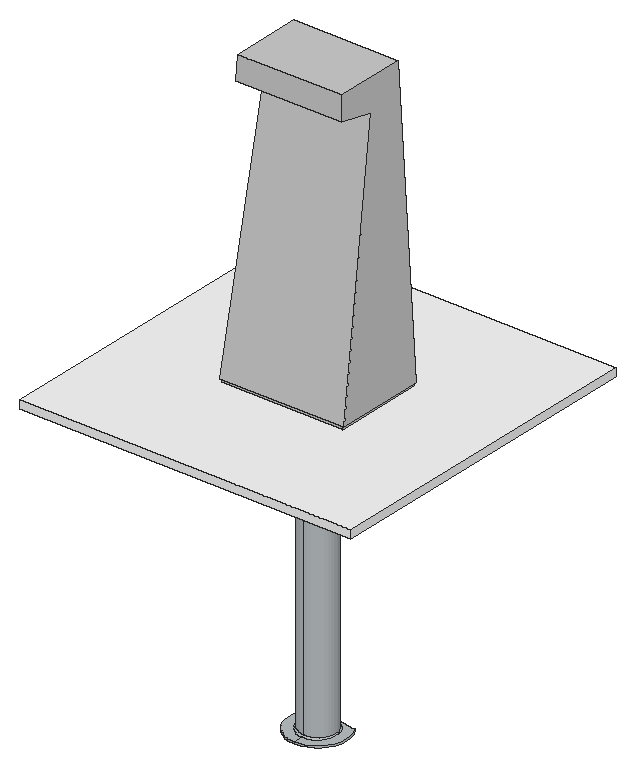
Revit family "BE_84108_de_DE", category Leuchten, Revit 2020
Family settings
  Basisbauteil = Fläche
  Bemaßung runder Anschluss = Durchmesser verwenden
  Teiletyp = Normal
  Beim Laden mit Abzugskörper schneiden = Ja
  Lichtquelle = Ja
  Gemeinsam genutzt = Nein
  Raumberechnungspunkt = Ja
Parameters (values of type "BEGA_84108_Silber_K3")
  built-in parameter 1150104 = 18.06 (stored number, unit not read)
  Wattage = 11.6 W
  Default Elevation = 0 mm
  built-in parameter 1150113 = 1 (stored number, unit not read)
  built-in parameter 1114218 = 1 (stored number, unit not read)
  Umgebungstemperatur = "25 °C"
  URL = "https://www.bega.com/de/produkt/84108"
  Typenkommentare = "© 2022 BEGA. Wir behalten uns das Recht vor, technische Änderungen ohne vorherige Ankündigung vorzunehmen."  # constant formula
  Type Image = 84108.png
  built-in parameter 1150134 = (empty or 0)
  built-in parameter 1150109 = 1 (stored number, unit not read)
  Strom = ""
  built-in parameter 1150110 = 1 (stored number, unit not read)
  Spannung = 239.996 V
  Sonderanfertigung = no
  Seriennummer [instance] = "Hier können Sie die eindeutige Seriennummer für das Facility Management eintragen."
  Schutzklasse = "I"
  Schutzart = "IP 65"
  Scheinlast = 0 VA
  Produktdatenblatt = "https://cdn.bega.com/bega/products/84108AK3/current/documents/data-sheets/de"
  Oberflächentemperatur = ""
  Neigungswinkel = 0.00°
  Modell = "84108AK3"
  Material_17 = BEGA_Reflektor
  Material_15 = BEGA_Leuchtmedium_matt
  Material_11 = BEGA_Glas_opal
  Material_09 = BEGA_Glas_klar
  Material_08 = BEGA_Oberfläche_Stahl_verzinkt
  Material_06 = BEGA_Oberfläche_Edelstahl_gebürstet
  Material_03 = BEGA_Oberfläche_Weiss_matt
  Material_02 = BEGA_Oberfläche_Silber_matt
  Material_01 [instance] = BEGA_Oberfläche_Grafit_matt
  M_W = no
  M_G = no
  M_A = yes
  Logo = 0
  built-in parameter 1114217 = 1 (stored number, unit not read)
  built-in parameter 1150139 = (empty or 0)
  built-in parameter 1150105 = 179.45 (stored number, unit not read)
  built-in parameter 1150114 = 1 (stored number, unit not read)
  Lumens = 2255.04 lm
  built-in parameter 1150115 = 1 (stored number, unit not read)
  Leuchtenlichtstrom = "851 lm"
  Leuchtenanzahl = ""
  Lebensdauerkriterien = "L70B50 @ 25 °C = 200000 h"
  Lastklassifizierung = Beleuchtung
  built-in parameter 1150112 = 1 (stored number, unit not read)
  Lampenlichtstrom = "2255 lm"
  Lampe = "LED 11.6 W"
  LED_Modulbezeichnung = "LED-0760/830"
  built-in parameter 1150142 = (empty or 0)
  Hersteller = "BEGA"  # constant formula
  Halbstreuwinkel = ""
  Gewicht = "3.5 kg"
  Gebrauchslageneinschränkung [instance] = ""
  Frequenz = "0/50-60 Hz"
  Farbwiedergabeindex = "CRI > 80"
  Farbtemperaturverschiebung bei Dämpfen der Lampe = <Keine Auswahl>
  Farbtemperatur = "3000 K"
  Color Filter = 16777215
  built-in parameter 1150133 = 10 (stored number, unit not read)
  Energieeffizienzklasse = "LED A++ - A"
  built-in parameter 1150137 = (empty or 0)
  built-in parameter 1150132 = (empty or 0)
  ENEC = "ja"
  Datei für fotometrisches Netz = "BE_84108K3.IES"
  CE_Konformität = "ja"
  Bestellnummer = "84108AK3"
  Beschreibung_Sonderanfertigung = "Hier können Sie Informationen zur Sonderanfertigung eintragen."
  Beschreibung = "Garten- und Wegeleuchte"
  built-in parameter 1150106 = 1.7945 (stored number, unit not read)
  Befestigungsbohrung = ""
  Befestigungsabstand = ""
  Ballwurfsicher = ""
  BEGA_Intern_aus = yes
  BEGA_Intern_an = yes
  BEGA_Intern_Konstruktion = yes
  BEGA_Intern = yes
  BEGA_IES = yes
  BEGA_Dummy = no
  Anschlussleitung = ""
  Anschlussleistung [instance] = "13.6 W"
  built-in parameter 1150107 = 3000 (stored number, unit not read)
  built-in parameter 1150102 = (empty or 0)
  built-in parameter 1150138 = (empty or 0)
  Aktualisierung = "2022-05-19T04:00:07"
  Abstand_zur_angestrahlten_Fläche [instance] = ""
  AC/DC = "AC/DC"
Types (2, lengths in mm): name | Modell | Material_01 | M_G | M_A | Bestellnummer
  BEGA_84108_Silber_K3 | "84108AK3" | BEGA_Oberfläche_Grafit_matt | no | yes | "84108AK3"
  BEGA_84108_Grafit_K3 | "84108K3" | BEGA_Glas_klar | yes | no | "84108K3"
Reference planes
  plane 1 "Mitte (Vorne/Hinten)": y = 0
  plane 2: z = 0
  plane 3 "Mitte (Links/Rechts)": x = 0
  plane 4 "Links": x = -75
  plane 5 "Rechts": x = 74.939
  plane 6 "Unten": y = -55
  plane 7 "Oben": y = 55
  plane 8 "Vorne": z = 353.25
  plane 9 "Hinten": z = -374.75
Forms (mm)
  Extrusion 1, solid, material "BEGA_Platte_Weiss"
    sketch origin (0, -1119.2, 0) x (1, 0, 0) y (0, 1, 0)
      loop
        line (-200, 1319.2) -> (-200, 919.2) -> (200, 919.2) -> (200, 1319.2) -> (-200, 1319.2)
    from 0 to -10
  Extrusion 2, solid, material "BEGA_Dummy_matt", visible <- "BEGA_Dummy"
    sketch origin (80.095, -76.023, 0) x (1, 0, 0) y (0, 1, 0)
      loop
        line (-155.095, 131.023) -> (-155.095, 21.023) -> (-5.156, 21.023) -> (-5.156, 131.023) -> (-155.095, 131.023)
    from -374.75 to 353.25
Dimensions and locks
  plane 1 "Mitte (Vorne/Hinten)" to Extrusion 1 = 200 mm
  aligned and locked: plane 2 to Extrusion 1
  aligned and locked: level to Extrusion 1
Nested families
  nested 1: "BE_84108" at (0, 0, 0), type "BE_84108"
Connectors
  electrical at (0, 0, 0), driven by "Lastklassifizierung", driven by "Spannung", driven by "Scheinlast"
    settings: index 1, voltage 239.996 V, apparent load 0 VA, apparent load phase1 0 VA, apparent load phase2 0 VA, apparent load phase3 0 VA, power factor 1, load classification "Beleuchtung", number of poles 1, system type 31, power factor state 1, is connector primary yes, connector utility no, sub classification motor no, connector description ""
Definition of nested family "BE_84108"
  Parameters (values of type "BE_84108")
    Default Elevation = 1 mm
    URL = "http://www.bega.de/de/produkt"
    Type Comments = "© 2015 BEGA. Wir behalten uns das Recht vor, technische Änderungen ohne vorherige Ankündigung vorzunehmen. "  # constant formula
    Type Image = (empty or 0)
    Neigungswinkel_um_Z2 = 0.00°
    Neigungswinkel_um_Z1 = 0.00°
    Neigungswinkel_um_Y2 = 0.00°
    Neigungswinkel_um_Y1 = 0.00°
    Neigungswinkel_um_X2 = 0.00°
    Neigungswinkel_um_X1 = 0.00°
    Material_17 = none
    Material_15 = none
    Material_11 = none
    Material_10 = none
    Material_09 = none
    Material_08 = none
    Material_06 = none
    Material_02 = none
    Material_01 = none
    M_W = yes
    M_G = yes
    M_A = yes
    Länge_Platte = 200 mm  # constant formula
    Höhe_Platte = -10 mm  # constant formula
    Manufacturer = "BEGA"  # constant formula
    Drehwinkel_um_Z2 = 0.00°
    Drehwinkel_um_Z1 = 0.00°
    Breite_Platte = 200 mm  # constant formula
  Reference planes
    plane 1 "Mitte (Oben/Unten)": y = 0
    plane 2: z = 0
    plane 3 "Mitte (Links/Rechts)": x = 0
    plane 4 "Hinten": z = -20
    plane 5 "Oben": y = 55
    plane 6 "Unten": y = -55
    plane 7: z = 353.25
    plane 8: x = -75
    plane 9: x = 74.939
  Forms (mm)
    Extrusion 1, solid, detail levels medium
      sketch origin (0, 0, 0) x (1, 0, 0) y (0, 1, 0)
        loop
          line (-100, 100) -> (-100, -100) -> (100, -100) -> (100, 100) -> (-100, 100)
      from 0 to -10 <- "Höhe_Platte"
    Extrusion 2, solid, material <- "Material_01", visible <- "M_G"
      sketch origin (0, 0, 0) x (1, 0, 0) y (0, 0, 1)
        loop
          line (-71.998, 3.25) -> (-59.882, 350.206) -> (59.882, 350.206) -> (71.998, 3.25) -> (75, 3.25) -> (62.778, 353.25) -> (-62.778, 353.25) -> (-75, 3.25) -> (-71.998, 3.25)
      from -57.698 to 59.769
    Extrusion 3, solid, material <- "Material_01", visible <- "M_G"
      sketch origin (0, 0, 0) x (0, 1, 0) y (0, 0, 1)
        loop
          line (-43.756, 325.25) -> (-42.288, 324.938) -> (-39.92, 328.729) -> (-37.163, 328.143) -> (-31.651, 350.25) -> (39.881, 350.25) -> (44.809, 209.123) -> (51.998, 3.25) -> (55, 3.25) -> (42.778, 353.25) -> (-42.778, 353.25) -> (-43.756, 325.25)
        loop
          line (3.381, 322.782) -> (-3.064, 321.964) -> (-3.246, 320.933) -> (-0.486, 320.347) -> (0.119, 315.843) -> (-55, 3.25) -> (-51.954, 3.25) -> (-28.18, 138.08) -> (3.132, 315.659) -> (3.381, 322.782)
      from -76.808 to 77.235
    Extrusion 4, solid, material <- "Material_10"
      sketch origin (0, 0, 0) x (0, 1, 0) y (0, 0, 1)
        loop
          line (-3.375, 321.983) -> (-36.632, 329.052) -> (-36.84, 328.074) -> (-39.628, 328.666) -> (-40.459, 324.754) -> (-1.627, 316.5) -> (-0.795, 320.412) -> (-3.583, 321.005) -> (-3.375, 321.983)
      from -60.4 to 60.4
    Extrusion 5, solid, material <- "Material_01", visible <- "M_G"
      sketch origin (0, 0, 0) x (1, 0, 0) y (0, 1, 0)
        loop
          circle (0, 0) r 21.75
        loop
          line (-51.5, -38) -> (-51.5, -49.5) -> (-18.5, -49.5) -> (-18.5, -38) -> (-51.5, -38)
        loop
          line (18.5, -49.5) -> (51.5, -49.5) -> (51.5, -38) -> (18.5, -38) -> (18.5, -49.5)
        loop
          arc (-6.859, -38.9) -> (0, -39.5) -> (6.859, -38.9) r 39.5
          arc (6.859, -38.9) -> (10.509, -33.683) -> (5.289, -30.038) r 4.5
          arc (5.289, -30.038) -> (-0.007, -30.5) -> (-5.304, -30.035) r 30.5
          arc (-5.304, -30.035) -> (-10.51, -33.691) -> (-6.859, -38.9) r 4.5
        loop
          arc (51.89, -27.012) -> (54.971, -20.012) -> (57.112, -12.669) r 58.5
          arc (57.112, -12.669) -> (54.457, -8.488) -> (50.279, -11.147) r 3.5
          arc (50.279, -11.147) -> (48.395, -17.611) -> (45.684, -23.774) r 51.5
          arc (45.684, -23.774) -> (47.166, -28.499) -> (51.89, -27.012) r 3.5
        loop
          arc (37.118, 13.51) -> (34.205, 19.756) -> (30.25, 25.4) r 39.5
          arc (30.25, 25.4) -> (23.914, 25.94) -> (23.364, 19.605) r 4.5
          arc (23.364, 19.605) -> (26.417, 15.245) -> (28.665, 10.42) r 30.5
          arc (28.665, 10.42) -> (34.434, 7.744) -> (37.118, 13.51) r 4.5
        loop
          arc (50.279, 11.147) -> (54.457, 8.488) -> (57.112, 12.669) r 3.5
          arc (57.112, 12.669) -> (54.971, 20.012) -> (51.89, 27.012) r 58.5
          arc (51.89, 27.012) -> (47.166, 28.499) -> (45.684, 23.774) r 3.5
          arc (45.684, 23.774) -> (48.395, 17.611) -> (50.279, 11.147) r 51.5
        loop
          line (16.5, 38) -> (16.5, 49.5) -> (-16.5, 49.5) -> (-16.5, 38) -> (16.5, 38)
        loop
          arc (-30.25, 25.4) -> (-34.205, 19.756) -> (-37.118, 13.51) r 39.5
          arc (-37.118, 13.51) -> (-34.434, 7.744) -> (-28.665, 10.42) r 4.5
          arc (-28.665, 10.42) -> (-26.417, 15.245) -> (-23.364, 19.605) r 30.5
          arc (-23.364, 19.605) -> (-23.914, 25.941) -> (-30.25, 25.4) r 4.5
        loop
          arc (-45.685, 23.773) -> (-47.166, 28.499) -> (-51.89, 27.012) r 3.5
          arc (-51.89, 27.012) -> (-54.971, 20.012) -> (-57.112, 12.669) r 58.5
          arc (-57.112, 12.669) -> (-54.457, 8.488) -> (-50.279, 11.147) r 3.5
          arc (-50.279, 11.147) -> (-48.395, 17.61) -> (-45.685, 23.773) r 51.5
        loop
          arc (-50.279, -11.147) -> (-54.457, -8.488) -> (-57.112, -12.669) r 3.5
          arc (-57.112, -12.669) -> (-54.971, -20.012) -> (-51.89, -27.012) r 58.5
          arc (-51.89, -27.012) -> (-47.166, -28.499) -> (-45.685, -23.773) r 3.5
          arc (-45.685, -23.773) -> (-48.395, -17.61) -> (-50.279, -11.147) r 51.5
        loop
          line (-73.7, 53.7) -> (-73.7, -53.7) -> (73.7, -53.7) -> (73.7, 53.7) -> (-73.7, 53.7)
      from 0 to 5
    Extrusion 6, solid, material <- "Material_02", visible <- "M_A"
      sketch origin (0, 0, 0) x (1, 0, 0) y (0, 0, 1)
        loop
          line (-71.998, 3.25) -> (-59.882, 350.206) -> (59.882, 350.206) -> (71.998, 3.25) -> (75, 3.25) -> (62.778, 353.25) -> (-62.778, 353.25) -> (-75, 3.25) -> (-71.998, 3.25)
      from -57.698 to 59.769
    Extrusion 7, solid, material <- "Material_02", visible <- "M_A"
      sketch origin (0, 0, 0) x (0, 1, 0) y (0, 0, 1)
        loop
          line (-43.756, 325.25) -> (-42.288, 324.938) -> (-39.92, 328.729) -> (-37.163, 328.143) -> (-31.651, 350.25) -> (39.881, 350.25) -> (44.809, 209.123) -> (51.998, 3.25) -> (55, 3.25) -> (42.778, 353.25) -> (-42.778, 353.25) -> (-43.756, 325.25)
        loop
          line (3.381, 322.782) -> (-3.064, 321.964) -> (-3.246, 320.933) -> (-0.486, 320.347) -> (0.119, 315.843) -> (-55, 3.25) -> (-51.954, 3.25) -> (-28.18, 138.08) -> (3.132, 315.659) -> (3.381, 322.782)
      from -76.808 to 77.235
    Extrusion 8, void
      sketch origin (0, 0, 0) x (0, 1, 0) y (0, 0, 1)
        loop
          line (55, 3.25) -> (57.698, 3.25) -> (57.698, 353.25) -> (42.778, 353.25) -> (55, 3.25)
        loop
          line (-59.769, 353.25) -> (-59.769, 3.25) -> (-55, 3.25) -> (0.132, 315.921) -> (-43.756, 325.25) -> (-42.778, 353.25) -> (-59.769, 353.25)
      from -88.592 to 85.693
    Extrusion 9, void
      sketch origin (0, 0, 0) x (1, 0, 0) y (0, 0, 1)
        loop
          line (-75, 3.25) -> (-62.778, 353.25) -> (-137.222, 353.25) -> (-125, 3.25) -> (-75, 3.25)
        loop
          line (75, 3.25) -> (125, 3.25) -> (137.222, 353.25) -> (62.778, 353.25) -> (75, 3.25)
      from -57.291 to 58.35
    Revolve 10, solid, material <- "Material_08"
      sketch origin (0, 0, 0) x (0, 1, 0) y (0, 0, 1)
        loop
          line (21.1, 45.25) -> (19.1, 45.25) -> (19.1, -374.75) -> (21.1, -374.75) -> (21.1, 45.25)
        axis (0, -374.75) -> (0, 45.25)
      angle from 0 to 360
    Revolve 11, solid, material <- "Material_08"
      sketch origin (0, 0, 0) x (0, 1, 0) y (0, 0, 1)
        loop
          line (35, -372.754) -> (22.928, -372.754) -> (21.1, -370.925) -> (21.1, -373.705)
          arc (21.1, -373.705) -> (21.931, -374.444) -> (23, -374.75) r 2.5
          line (23, -374.75) -> (35, -374.75) -> (35, -372.754)
        axis (0, -374.75) -> (0, -370.925)
      angle from 0 to 360
    Extrusion 12, solid, material <- "Material_02", visible <- "M_A"
      sketch origin (0, 0, 0) x (1, 0, 0) y (0, 1, 0)
        loop
          circle (0, 0) r 21.75
        loop
          line (-51.5, -38) -> (-51.5, -49.5) -> (-18.5, -49.5) -> (-18.5, -38) -> (-51.5, -38)
        loop
          line (18.5, -49.5) -> (51.5, -49.5) -> (51.5, -38) -> (18.5, -38) -> (18.5, -49.5)
        loop
          arc (-6.859, -38.9) -> (0, -39.5) -> (6.859, -38.9) r 39.5
          arc (6.859, -38.9) -> (10.509, -33.683) -> (5.289, -30.038) r 4.5
          arc (5.289, -30.038) -> (-0.007, -30.5) -> (-5.304, -30.035) r 30.5
          arc (-5.304, -30.035) -> (-10.51, -33.691) -> (-6.859, -38.9) r 4.5
        loop
          arc (51.89, -27.012) -> (54.971, -20.012) -> (57.112, -12.669) r 58.5
          arc (57.112, -12.669) -> (54.457, -8.488) -> (50.279, -11.147) r 3.5
          arc (50.279, -11.147) -> (48.395, -17.611) -> (45.684, -23.774) r 51.5
          arc (45.684, -23.774) -> (47.166, -28.499) -> (51.89, -27.012) r 3.5
        loop
          arc (37.118, 13.51) -> (34.205, 19.756) -> (30.25, 25.4) r 39.5
          arc (30.25, 25.4) -> (23.914, 25.94) -> (23.364, 19.605) r 4.5
          arc (23.364, 19.605) -> (26.417, 15.245) -> (28.665, 10.42) r 30.5
          arc (28.665, 10.42) -> (34.434, 7.744) -> (37.118, 13.51) r 4.5
        loop
          arc (50.279, 11.147) -> (54.457, 8.488) -> (57.112, 12.669) r 3.5
          arc (57.112, 12.669) -> (54.971, 20.012) -> (51.89, 27.012) r 58.5
          arc (51.89, 27.012) -> (47.166, 28.499) -> (45.684, 23.774) r 3.5
          arc (45.684, 23.774) -> (48.395, 17.611) -> (50.279, 11.147) r 51.5
        loop
          line (16.5, 38) -> (16.5, 49.5) -> (-16.5, 49.5) -> (-16.5, 38) -> (16.5, 38)
        loop
          arc (-30.25, 25.4) -> (-34.205, 19.756) -> (-37.118, 13.51) r 39.5
          arc (-37.118, 13.51) -> (-34.434, 7.744) -> (-28.665, 10.42) r 4.5
          arc (-28.665, 10.42) -> (-26.417, 15.245) -> (-23.364, 19.605) r 30.5
          arc (-23.364, 19.605) -> (-23.914, 25.941) -> (-30.25, 25.4) r 4.5
        loop
          arc (-45.685, 23.773) -> (-47.166, 28.499) -> (-51.89, 27.012) r 3.5
          arc (-51.89, 27.012) -> (-54.971, 20.012) -> (-57.112, 12.669) r 58.5
          arc (-57.112, 12.669) -> (-54.457, 8.488) -> (-50.279, 11.147) r 3.5
          arc (-50.279, 11.147) -> (-48.395, 17.61) -> (-45.685, 23.773) r 51.5
        loop
          arc (-50.279, -11.147) -> (-54.457, -8.488) -> (-57.112, -12.669) r 3.5
          arc (-57.112, -12.669) -> (-54.971, -20.012) -> (-51.89, -27.012) r 58.5
          arc (-51.89, -27.012) -> (-47.166, -28.499) -> (-45.685, -23.773) r 3.5
          arc (-45.685, -23.773) -> (-48.395, -17.61) -> (-50.279, -11.147) r 51.5
        loop
          line (-73.7, 53.7) -> (-73.7, -53.7) -> (73.7, -53.7) -> (73.7, 53.7) -> (-73.7, 53.7)
      from 0 to 5
    Extrusion 13, void
      sketch origin (0, 0, 0) x (1, 0, 0) y (0, 1, 0)
        loop
          line (26.706, 20.169) -> (38.93, 18.014) -> (38.247, 44.883) -> (-40.071, 44.883) -> (-40.071, 17.812) -> (-26.706, 20.169) -> (-4.279, 24.123)
          arc (-4.279, 24.123) -> (0, 24.5) -> (4.279, 24.123) r 24.5
          line (4.279, 24.123) -> (26.706, 20.169)
      from -388.629 to -332.553
  Cuts and joins
    Extrusion 8 cuts Extrusion 2
    Extrusion 8, Extrusion 9 cuts Extrusion 3
    joined: Extrusion 2, Extrusion 3
    Extrusion 8 cuts Extrusion 6
    Extrusion 8, Extrusion 9 cuts Extrusion 7
    joined: Extrusion 6, Extrusion 7
    Extrusion 13 cuts Extrusion 5
    Extrusion 13 cuts Extrusion 12
    Extrusion 13 cuts Revolve 11
  Dimensions and locks
    equal spacing: Extrusion 1 sketch curve, plane 3 "Mitte (Links/Rechts)", Extrusion 1 sketch curve
    equal spacing: Extrusion 1 sketch curve, plane 1 "Mitte (Oben/Unten)", Extrusion 1 sketch curve
    "Länge_Platte": Extrusion 1 sketch curve to Extrusion 1 sketch curve
    "Breite_Platte": Extrusion 1 sketch curve to Extrusion 1 sketch curve
    aligned and locked: plane 2 to Extrusion 1
    aligned and locked: level to Extrusion 1
  Automatic sketch dimensions
    Extrusion 2 sketch curve to plane 3 "Mitte (Links/Rechts)" = 62.778 mm
    Extrusion 2 sketch curve to plane 3 "Mitte (Links/Rechts)" = 59.882 mm
    Extrusion 2 sketch curve to Extrusion 2 sketch curve = 12.116 mm
    Extrusion 2 sketch curve to Extrusion 2 sketch curve = 3.002 mm  (x2)
    plane 3 "Mitte (Links/Rechts)" to Extrusion 2 sketch curve = 59.882 mm
    plane 3 "Mitte (Links/Rechts)" to Extrusion 2 sketch curve = 71.998 mm
    level to Extrusion 2 sketch curve = 3.25 mm  (x2)
    Extrusion 2 sketch curve to Extrusion 2 sketch curve = 346.956 mm
    Extrusion 2 sketch curve to Extrusion 2 sketch curve = 2.896 mm
    Extrusion 2 sketch curve to Extrusion 2 sketch curve = 3.044 mm
    plane 1 "Mitte (Oben/Unten)" to Extrusion 3 sketch curve = 42.778 mm
    Extrusion 3 sketch curve to Extrusion 3 sketch curve = 0.978 mm
    Extrusion 3 sketch curve to Extrusion 3 sketch curve = 28 mm
    plane 1 "Mitte (Oben/Unten)" to Extrusion 3 sketch curve = 3.064 mm
    Extrusion 3 sketch curve to Extrusion 3 sketch curve = 31.286 mm
    Extrusion 3 sketch curve to Extrusion 3 sketch curve = 1.467 mm
    Extrusion 3 sketch curve to Extrusion 3 sketch curve = 2.369 mm
    Extrusion 3 sketch curve to Extrusion 3 sketch curve = 11.126 mm
    Extrusion 3 sketch curve to Extrusion 3 sketch curve = 0.182 mm
    Extrusion 3 sketch curve to plane 1 "Mitte (Oben/Unten)" = 39.881 mm
    Extrusion 3 sketch curve to plane 1 "Mitte (Oben/Unten)" = 3.381 mm
    Extrusion 3 sketch curve to Extrusion 3 sketch curve = 2.897 mm
    level to Extrusion 3 sketch curve = 3.25 mm  (x2)
    Extrusion 3 sketch curve to Extrusion 3 sketch curve = 0.312 mm
    Extrusion 3 sketch curve to Extrusion 3 sketch curve = 0.817 mm
    Extrusion 3 sketch curve to Extrusion 3 sketch curve = 1.031 mm
    Extrusion 3 sketch curve to Extrusion 3 sketch curve = 3.205 mm
    Extrusion 3 sketch curve to Extrusion 3 sketch curve = 0.586 mm
    Extrusion 3 sketch curve to Extrusion 3 sketch curve = 3 mm
    plane 1 "Mitte (Oben/Unten)" to Extrusion 3 sketch curve = 0.486 mm
    Extrusion 3 sketch curve to plane 1 "Mitte (Oben/Unten)" = 0.119 mm
    Extrusion 3 sketch curve to Extrusion 3 sketch curve = 3.014 mm
    Extrusion 3 sketch curve to Extrusion 3 sketch curve = 5.09 mm
    Extrusion 3 sketch curve to Extrusion 3 sketch curve = 0.185 mm
    Extrusion 3 sketch curve to Extrusion 3 sketch curve = 0.587 mm
    plane 1 "Mitte (Oben/Unten)" to Extrusion 3 sketch curve = 55 mm
    plane 1 "Mitte (Oben/Unten)" to Extrusion 3 sketch curve = 28.18 mm
    Extrusion 3 sketch curve to Extrusion 3 sketch curve = 3.046 mm
    Extrusion 3 sketch curve to Extrusion 3 sketch curve = 0 mm  (x2)
    Extrusion 3 sketch curve to plane 1 "Mitte (Oben/Unten)" = 51.998 mm
    Extrusion 3 sketch curve to Extrusion 3 sketch curve = 3.002 mm
    Extrusion 3 sketch curve to Extrusion 3 sketch curve = 205.873 mm
    Extrusion 3 sketch curve to plane 1 "Mitte (Oben/Unten)" = 44.809 mm  (x2)
    Extrusion 3 sketch curve to Extrusion 3 sketch curve = 2.756 mm
    plane 1 "Mitte (Oben/Unten)" to Extrusion 4 sketch curve = 36.632 mm
    Extrusion 4 sketch curve to Extrusion 4 sketch curve = 0.208 mm  (x2)
    plane 1 "Mitte (Oben/Unten)" to Extrusion 4 sketch curve = 3.375 mm
    Extrusion 4 sketch curve to Extrusion 4 sketch curve = 0.978 mm  (x2)
    Extrusion 4 sketch curve to Extrusion 4 sketch curve = 7.069 mm
    Extrusion 4 sketch curve to Extrusion 4 sketch curve = 2.788 mm
    Extrusion 4 sketch curve to Extrusion 4 sketch curve = 0.593 mm  (x2)
    Extrusion 4 sketch curve to Extrusion 4 sketch curve = 0.832 mm
    plane 1 "Mitte (Oben/Unten)" to Extrusion 4 sketch curve = 1.627 mm
    Extrusion 4 sketch curve to Extrusion 4 sketch curve = 4.505 mm
    Extrusion 4 sketch curve to Extrusion 4 sketch curve = 3.913 mm
    plane 1 "Mitte (Oben/Unten)" to Extrusion 4 sketch curve = 0.795 mm
    Extrusion 5 sketch curve to Extrusion 5 sketch curve = 0 mm  (x50)
    plane 1 "Mitte (Oben/Unten)" to Extrusion 5 sketch curve = 0 mm
    Extrusion 5 sketch curve to plane 3 "Mitte (Links/Rechts)" = 0 mm
    Extrusion 5 sketch curve to plane 3 "Mitte (Links/Rechts)" = 6.078 mm
    Extrusion 5 sketch curve to plane 3 "Mitte (Links/Rechts)" = 26.812 mm
    Extrusion 5 sketch curve to Extrusion 5 sketch curve = 6.078 mm  (x2)
    Extrusion 5 sketch curve to Extrusion 5 sketch curve = 15.896 mm  (x4)
    Extrusion 5 sketch curve to Extrusion 5 sketch curve = 4.911 mm  (x4)
    plane 3 "Mitte (Links/Rechts)" to Extrusion 5 sketch curve = 6.078 mm
    plane 1 "Mitte (Oben/Unten)" to Extrusion 5 sketch curve = 11.904 mm  (x2)
    Extrusion 5 sketch curve to Extrusion 5 sketch curve = 13.492 mm  (x4)
    plane 1 "Mitte (Oben/Unten)" to Extrusion 5 sketch curve = 34.468 mm
    Extrusion 5 sketch curve to plane 1 "Mitte (Oben/Unten)" = 11.904 mm  (x2)
    Extrusion 5 sketch curve to plane 1 "Mitte (Oben/Unten)" = 11.971 mm  (x2)
    Extrusion 5 sketch curve to Extrusion 5 sketch curve = 10.527 mm  (x2)
    Extrusion 5 sketch curve to Extrusion 5 sketch curve = 0.774 mm
    Extrusion 5 sketch curve to Extrusion 5 sketch curve = 0.781 mm  (x2)
    Extrusion 5 sketch curve to plane 3 "Mitte (Links/Rechts)" = 16.5 mm
    Extrusion 5 sketch curve to Extrusion 5 sketch curve = 11.641 mm  (x2)
    Extrusion 5 sketch curve to Extrusion 5 sketch curve = 3.447 mm  (x2)
    Extrusion 5 sketch curve to Extrusion 5 sketch curve = 4.224 mm  (x2)
    Extrusion 5 sketch curve to Extrusion 5 sketch curve = 3.439 mm  (x2)
    Extrusion 5 sketch curve to Extrusion 5 sketch curve = 4.229 mm  (x2)
    Extrusion 5 sketch curve to Extrusion 5 sketch curve = 3.101 mm  (x4)
    Extrusion 5 sketch curve to Extrusion 5 sketch curve = 2.714 mm  (x2)
    Extrusion 5 sketch curve to Extrusion 5 sketch curve = 3.417 mm  (x4)
    Extrusion 5 sketch curve to Extrusion 5 sketch curve = 3.105 mm  (x4)
    Extrusion 5 sketch curve to Extrusion 5 sketch curve = 3.415 mm  (x4)
    Extrusion 5 sketch curve to Extrusion 5 sketch curve = 0.789 mm
    plane 3 "Mitte (Links/Rechts)" to Extrusion 5 sketch curve = 16.5 mm
    Extrusion 5 sketch curve to Extrusion 5 sketch curve = 0.758 mm  (x4)
    Extrusion 5 sketch curve to Extrusion 5 sketch curve = 4.433 mm
    Extrusion 5 sketch curve to Extrusion 5 sketch curve = 0.9 mm
    Extrusion 5 sketch curve to Extrusion 5 sketch curve = 10.988 mm
    Extrusion 5 sketch curve to Extrusion 5 sketch curve = 11.5 mm  (x3)
    Extrusion 5 sketch curve to Extrusion 5 sketch curve = 1.551 mm  (x2)
    Extrusion 5 sketch curve to Extrusion 5 sketch curve = 15.502 mm
    Extrusion 5 sketch curve to Extrusion 5 sketch curve = 22.2 mm  (x2)
    Extrusion 5 sketch curve to Extrusion 5 sketch curve = 4.2 mm
    Extrusion 5 sketch curve to Extrusion 5 sketch curve = 26.688 mm  (x2)
    level to Extrusion 6 sketch curve = 3.25 mm  (x2)
    Extrusion 6 sketch curve to plane 3 "Mitte (Links/Rechts)" = 75 mm
    Extrusion 6 sketch curve to Extrusion 6 sketch curve = 3.002 mm  (x2)
    Extrusion 6 sketch curve to plane 3 "Mitte (Links/Rechts)" = 62.778 mm
    Extrusion 6 sketch curve to Extrusion 6 sketch curve = 2.896 mm  (x2)
    plane 3 "Mitte (Links/Rechts)" to Extrusion 6 sketch curve = 59.882 mm
    plane 3 "Mitte (Links/Rechts)" to Extrusion 6 sketch curve = 71.998 mm
    Extrusion 6 sketch curve to Extrusion 6 sketch curve = 3.044 mm
    level to Extrusion 7 sketch curve = 3.25 mm  (x2)
    plane 1 "Mitte (Oben/Unten)" to Extrusion 7 sketch curve = 55 mm
    Extrusion 7 sketch curve to Extrusion 7 sketch curve = 3.046 mm
    plane 1 "Mitte (Oben/Unten)" to Extrusion 7 sketch curve = 43.756 mm
    Extrusion 7 sketch curve to Extrusion 7 sketch curve = 0.978 mm
    Extrusion 7 sketch curve to Extrusion 7 sketch curve = 1.467 mm
    Extrusion 7 sketch curve to Extrusion 7 sketch curve = 2.369 mm
    Extrusion 7 sketch curve to Extrusion 7 sketch curve = 2.756 mm
    Extrusion 7 sketch curve to Extrusion 7 sketch curve = 11.126 mm
    plane 1 "Mitte (Oben/Unten)" to Extrusion 7 sketch curve = 3.246 mm
    Extrusion 7 sketch curve to Extrusion 7 sketch curve = 0.182 mm
    plane 1 "Mitte (Oben/Unten)" to Extrusion 7 sketch curve = 0.486 mm
    Extrusion 7 sketch curve to plane 1 "Mitte (Oben/Unten)" = 0.119 mm
    Extrusion 7 sketch curve to Extrusion 7 sketch curve = 3.014 mm
    Extrusion 7 sketch curve to plane 1 "Mitte (Oben/Unten)" = 3.381 mm
    Extrusion 7 sketch curve to plane 1 "Mitte (Oben/Unten)" = 39.881 mm
    Extrusion 7 sketch curve to Extrusion 7 sketch curve = 2.897 mm
    Extrusion 7 sketch curve to plane 1 "Mitte (Oben/Unten)" = 51.998 mm
    Extrusion 7 sketch curve to Extrusion 7 sketch curve = 3.002 mm
    Extrusion 7 sketch curve to Extrusion 7 sketch curve = 0.185 mm
    Extrusion 7 sketch curve to Extrusion 7 sketch curve = 4.503 mm
    Extrusion 7 sketch curve to Extrusion 7 sketch curve = 0.587 mm
    Extrusion 7 sketch curve to Extrusion 7 sketch curve = 1.031 mm
    Extrusion 7 sketch curve to Extrusion 7 sketch curve = 2.435 mm
    Extrusion 7 sketch curve to Extrusion 7 sketch curve = 4.005 mm
    Extrusion 7 sketch curve to Extrusion 7 sketch curve = 0.312 mm
    Extrusion 7 sketch curve to Extrusion 7 sketch curve = 3.205 mm
    Extrusion 7 sketch curve to Extrusion 7 sketch curve = 0.586 mm
    Extrusion 7 sketch curve to Extrusion 7 sketch curve = 27.468 mm
    Extrusion 7 sketch curve to Extrusion 7 sketch curve = 3 mm
    plane 1 "Mitte (Oben/Unten)" to Extrusion 7 sketch curve = 28.18 mm
    Extrusion 7 sketch curve to Extrusion 7 sketch curve = 0 mm  (x3)
    Extrusion 7 sketch curve to plane 1 "Mitte (Oben/Unten)" = 44.809 mm
    level to Extrusion 8 sketch curve = 3.25 mm  (x2)
    plane 1 "Mitte (Oben/Unten)" to Extrusion 8 sketch curve = 59.769 mm
    Extrusion 8 sketch curve to Extrusion 8 sketch curve = 4.769 mm
    Extrusion 8 sketch curve to Extrusion 8 sketch curve = 16.014 mm
    Extrusion 8 sketch curve to plane 1 "Mitte (Oben/Unten)" = 0.132 mm
    Extrusion 8 sketch curve to plane 1 "Mitte (Oben/Unten)" = 42.778 mm
    Extrusion 8 sketch curve to plane 1 "Mitte (Oben/Unten)" = 55 mm
    Extrusion 8 sketch curve to Extrusion 8 sketch curve = 14.92 mm
    Extrusion 8 sketch curve to Extrusion 8 sketch curve = 9.329 mm
    Extrusion 8 sketch curve to Extrusion 8 sketch curve = 37.329 mm
    Extrusion 8 sketch curve to Extrusion 8 sketch curve = 16.991 mm
    Extrusion 8 sketch curve to Extrusion 8 sketch curve = 28 mm
    level to Extrusion 9 sketch curve = 3.25 mm  (x2)
    Extrusion 9 sketch curve to Extrusion 9 sketch curve = 50 mm  (x2)
    Extrusion 9 sketch curve to plane 3 "Mitte (Links/Rechts)" = 62.778 mm
    plane 3 "Mitte (Links/Rechts)" to Extrusion 9 sketch curve = 62.778 mm
    plane 3 "Mitte (Links/Rechts)" to Extrusion 9 sketch curve = 75 mm
    Extrusion 9 sketch curve to Extrusion 9 sketch curve = 0 mm
    Extrusion 3 sketch curve to Extrusion 3 sketch curve = 106.536 mm
    Extrusion 3 sketch curve to Extrusion 3 sketch curve = 71.043 mm
    Extrusion 3 sketch curve to Extrusion 3 sketch curve = 0.037 mm
    level to Extrusion 4 sketch curve = 316.5 mm
    Extrusion 6 sketch curve to Extrusion 6 sketch curve = 346.956 mm
    level to Extrusion 7 sketch curve = 315.659 mm
    Extrusion 7 sketch curve to Extrusion 7 sketch curve = 134.83 mm
    Extrusion 7 sketch curve to Extrusion 7 sketch curve = 71.006 mm
    Extrusion 7 sketch curve to Extrusion 7 sketch curve = 0.037 mm
    level to Extrusion 8 sketch curve = 315.921 mm
    Extrusion 9 sketch curve to Extrusion 9 sketch curve = 350 mm
    Extrusion 9 sketch curve to plane 3 "Mitte (Links/Rechts)" = 75 mm
    Extrusion 9 sketch curve to Extrusion 9 sketch curve = 74.445 mm  (x2)
    Revolve 10 sketch curve to plane 1 "Mitte (Oben/Unten)" = 0 mm
    Revolve 10 sketch curve to plane 4 "Hinten" = 354.75 mm
    Revolve 10 sketch curve to plane 1 "Mitte (Oben/Unten)" = 19.1 mm
    Revolve 10 sketch curve to Revolve 10 sketch curve = 2 mm
    level to Revolve 10 sketch curve = 45.25 mm
    Revolve 10 sketch curve to Revolve 10 sketch curve = 5 mm
    Revolve 10 sketch curve to Revolve 10 sketch curve = 20 mm
    Revolve 11 sketch curve to plane 1 "Mitte (Oben/Unten)" = 0 mm
    Revolve 11 sketch curve to plane 1 "Mitte (Oben/Unten)" = 21.1 mm
    Revolve 11 sketch curve to Revolve 11 sketch curve = 1.828 mm
    Revolve 11 sketch curve to Revolve 11 sketch curve = 0.072 mm
    Revolve 11 sketch curve to Revolve 11 sketch curve = 0.207 mm
    Revolve 11 sketch curve to Revolve 11 sketch curve = 11.864 mm
    Revolve 11 sketch curve to plane 4 "Hinten" = 354.75 mm
    Revolve 11 sketch curve to Revolve 11 sketch curve = 1.045 mm
    Revolve 11 sketch curve to Revolve 11 sketch curve = 1.996 mm
    Revolve 11 sketch curve to Revolve 11 sketch curve = 1.328 mm
    Revolve 11 sketch curve to Revolve 11 sketch curve = 3.049 mm
    Revolve 11 sketch curve to Revolve 11 sketch curve = 40.904 mm
    Extrusion 12 sketch curve to Extrusion 12 sketch curve = 0 mm  (x232)
    plane 1 "Mitte (Oben/Unten)" to Extrusion 12 sketch curve = 0 mm
    Extrusion 12 sketch curve to plane 3 "Mitte (Links/Rechts)" = 0 mm
    Extrusion 12 sketch curve to plane 3 "Mitte (Links/Rechts)" = 6.078 mm
    Extrusion 12 sketch curve to plane 5 "Oben" = 5.5 mm
    Extrusion 12 sketch curve to plane 3 "Mitte (Links/Rechts)" = 16.5 mm
    plane 6 "Unten" to Extrusion 12 sketch curve = 5.5 mm  (x2)
    Extrusion 12 sketch curve to plane 3 "Mitte (Links/Rechts)" = 18.5 mm
    Extrusion 12 sketch curve to Extrusion 12 sketch curve = 10.312 mm  (x2)
    Extrusion 12 sketch curve to Extrusion 12 sketch curve = 6.078 mm  (x2)
    Extrusion 12 sketch curve to Extrusion 12 sketch curve = 15.896 mm  (x2)
    plane 8 to Extrusion 12 sketch curve = 26.214 mm
    plane 8 to Extrusion 12 sketch curve = 23.5 mm
    Extrusion 12 sketch curve to Extrusion 12 sketch curve = 4.911 mm  (x4)
    plane 8 to Extrusion 12 sketch curve = 1.3 mm
    plane 3 "Mitte (Links/Rechts)" to Extrusion 12 sketch curve = 6.078 mm
    plane 3 "Mitte (Links/Rechts)" to Extrusion 12 sketch curve = 16.5 mm
    Extrusion 12 sketch curve to Extrusion 12 sketch curve = 12.422 mm
    Extrusion 12 sketch curve to plane 9 = 26.153 mm
    Extrusion 12 sketch curve to Extrusion 12 sketch curve = 2.714 mm
    Extrusion 12 sketch curve to plane 9 = 1.239 mm
    plane 6 "Unten" to Extrusion 12 sketch curve = 1.3 mm
    Extrusion 12 sketch curve to Extrusion 12 sketch curve = 11.5 mm  (x3)
    Extrusion 12 sketch curve to Extrusion 12 sketch curve = 3.532 mm
    Extrusion 12 sketch curve to Extrusion 12 sketch curve = 12.604 mm  (x2)
    plane 1 "Mitte (Oben/Unten)" to Extrusion 12 sketch curve = 11.904 mm  (x2)
    Extrusion 12 sketch curve to plane 1 "Mitte (Oben/Unten)" = 11.904 mm  (x2)
    Extrusion 12 sketch curve to plane 1 "Mitte (Oben/Unten)" = 11.971 mm  (x2)
    Extrusion 12 sketch curve to Extrusion 12 sketch curve = 10.527 mm  (x2)
    Extrusion 12 sketch curve to Extrusion 12 sketch curve = 13.492 mm  (x2)
    Extrusion 12 sketch curve to plane 5 "Oben" = 1.3 mm
    Extrusion 12 sketch curve to Extrusion 12 sketch curve = 0.774 mm
    Extrusion 12 sketch curve to Extrusion 12 sketch curve = 0.781 mm  (x2)
    Extrusion 12 sketch curve to Extrusion 12 sketch curve = 3.447 mm  (x2)
    Extrusion 12 sketch curve to Extrusion 12 sketch curve = 4.224 mm  (x2)
    Extrusion 12 sketch curve to Extrusion 12 sketch curve = 3.439 mm  (x2)
    Extrusion 12 sketch curve to Extrusion 12 sketch curve = 4.229 mm  (x2)
    Extrusion 12 sketch curve to Extrusion 12 sketch curve = 3.101 mm  (x4)
    Extrusion 12 sketch curve to Extrusion 12 sketch curve = 3.417 mm  (x4)
    Extrusion 12 sketch curve to Extrusion 12 sketch curve = 3.105 mm  (x4)
    Extrusion 12 sketch curve to Extrusion 12 sketch curve = 3.415 mm  (x4)
    Extrusion 12 sketch curve to Extrusion 12 sketch curve = 0.789 mm
    Extrusion 12 sketch curve to Extrusion 12 sketch curve = 4.432 mm
    Extrusion 12 sketch curve to Extrusion 12 sketch curve = 1.616 mm  (x2)
    Extrusion 12 sketch curve to Extrusion 12 sketch curve = 1.551 mm  (x2)
    Extrusion 12 sketch curve to Extrusion 12 sketch curve = 0.758 mm  (x2)
    plane 1 "Mitte (Oben/Unten)" to Extrusion 13 sketch curve = 0 mm
    Extrusion 13 sketch curve to plane 3 "Mitte (Links/Rechts)" = 0 mm
    Extrusion 13 sketch curve to plane 3 "Mitte (Links/Rechts)" = 4.279 mm
    Extrusion 13 sketch curve to Extrusion 13 sketch curve = 22.427 mm  (x2)
    Extrusion 13 sketch curve to plane 5 "Oben" = 10.117 mm
    Extrusion 13 sketch curve to Extrusion 13 sketch curve = 13.365 mm
    plane 3 "Mitte (Links/Rechts)" to Extrusion 13 sketch curve = 4.279 mm
    Extrusion 13 sketch curve to Extrusion 13 sketch curve = 11.541 mm
    Extrusion 13 sketch curve to plane 1 "Mitte (Oben/Unten)" = 17.812 mm
    Extrusion 13 sketch curve to Extrusion 13 sketch curve = 2.357 mm
    Extrusion 13 sketch curve to plane 1 "Mitte (Oben/Unten)" = 20.169 mm
    Extrusion 13 sketch curve to Extrusion 13 sketch curve = 3.954 mm
    Extrusion 13 sketch curve to Extrusion 13 sketch curve = 12.224 mm
    Extrusion 13 sketch curve to Extrusion 13 sketch curve = 2.155 mm
    radius of Extrusion 5 sketch curve = 21.75 mm
    radius of Extrusion 12 sketch curve = 21.75 mm
